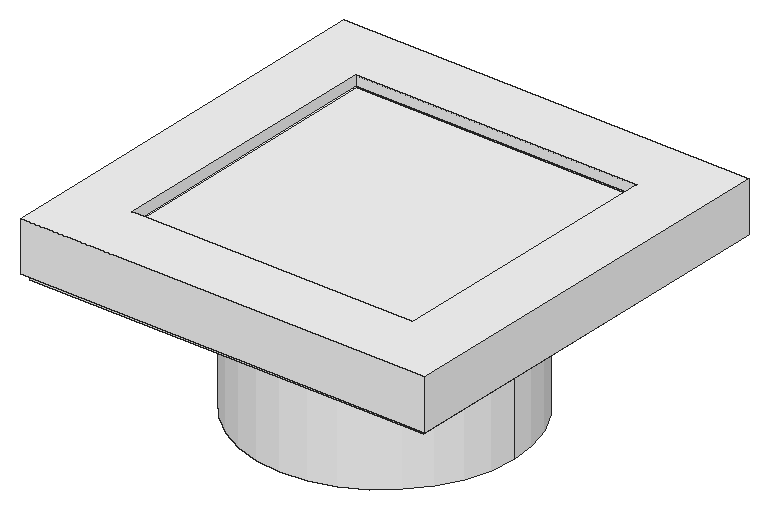
Revit family "Gira_2003100", category Electrical Fixtures, host Face, Revit 2017
Family settings
  Host = Face
  Maintain Annotation Orientation = Yes
  Round Connector Dimension = Use Diameter
  Part Type = Normal
  Cut with Voids When Loaded = No
  Shared = No
  Room Calculation Point = No
Parameters (values of type "Tastsens.2 3f 24 V pot.frei BSF System 55 Klar/Reinweiß")
  White [instance] = White
  Werkstoffgüte = "sonstige"
  Werkstoff = "sonstige"
  URL = "http://katalog.gira.de/de_DE/datenblatt.html?artikelnr=2003100"
  Transparent = "Yes"
  Schutzart (IP) = "IP20"
  Region = "DE"
  Oberfläche = "sonstige"
  Name = "Tastsens.2 3f 24 V pot.frei BSF System 55 Klar/Reinweiß"
  Montageart = "unter Putz"
  Model = "Sys55_Komplettgerät_Schalten und Tasten"
  Mit Raumthermostat = "No"
  Mit LED-Anzeige = "Yes"
  Mit Infrarotsensor = "No"
  Mit Display = "No"
  Mit Diebstahl-/Demontageschutz = "No"
  Mit Busankopplung = "No"
  Mit Beschriftungsfeld = "Yes"
  Manufacturer URL = "https://www.gira.de/"
  HeinzeBIM = "https://bimportal.heinze.de/bim/tastsens-2-3f-24-v-pot-frei-bsf-system-55-klar-reinweiss/9cec01c1ecd9a55726c723c1dd8b215571b65fcf"
  HAN = "2003100"
  GTIN = "4010337047971"
  Farbe = "weiß"
  Default Elevation = 1219.2 mm
  Data sheet (1) = "https://katalog.gira.de/de_DE/download.html?artikelnr=2003100"
  Category = "Bussystem-Tastsensor"
  Bussystem Powernet = "No"
  Bussystem LON = "No"
  Bussystem KNX-Funk = "No"
  Bussystem KNX = "Yes"
  Bussystem Funkbus = "Yes"
  Available = "Yes"
  Ausführung der Oberfläche = "glänzend"
  Anzahl der Tasten = "3 "
  Anzahl der Betätigungspunkte = "6 "
  Andere Bussysteme = "ohne"
Reference planes
  plane 1 "Center (Front/Back)": y = 0
  plane 2: z = 0
  plane 3 "Center (Left/Right)": x = 0
Forms (mm)
  Extrusion 1, solid, material "White" <- "White", detail levels medium
    sketch origin (0, 0, 0) x (1, 0, 0) y (0, 1, 0)
      loop
        line (-40.4, 40.4) -> (-40.4, -40.4) -> (40.4, -40.4) -> (40.4, 40.4) -> (-40.4, 40.4)
      loop
        line (-28, 28) -> (-28, -28) -> (28, -28) -> (28, 28) -> (-28, 28)
    from 0 to 10
  Extrusion 2, solid, material "White" <- "White", detail levels fine
    sketch origin (0, 0, 0) x (1, 0, 0) y (0, 1, 0)
      loop
        line (-40.4, 40.4) -> (-40.4, -40.4) -> (40.4, -40.4) -> (40.4, 40.4) -> (-40.4, 40.4)
      loop
        line (-28, 28) -> (-28, -28) -> (28, -28) -> (28, 28) -> (-28, 28)
    from 0 to 10
  Extrusion 3, void
    sketch origin (0, 0, 0) x (1, 0, 0) y (0, 1, 0)
      loop
        line (-38.4, 38.4) -> (-38.4, -38.4) -> (38.4, -38.4) -> (38.4, 38.4) -> (-38.4, 38.4)
    from 0 to 8
  Extrusion 4, solid, material "White" <- "White", detail levels medium+fine
    sketch origin (0, 0, 0) x (1, 0, 0) y (0, 1, 0)
      loop
        line (-39.4, 39.4) -> (-39.4, -39.4) -> (39.4, -39.4) -> (39.4, 39.4) -> (-39.4, 39.4)
    from 0 to -1
  Extrusion 5, solid, material "White" <- "White", detail levels medium+fine
    sketch origin (0, 0, 0) x (1, 0, 0) y (0, 1, 0)
      loop
        line (-35.5, 35.5) -> (-35.5, -35.5) -> (35.5, -35.5) -> (35.5, 35.5) -> (-35.5, 35.5)
    from -2 to -3
  Extrusion 6, solid, material "White" <- "White", detail levels medium+fine
    sketch origin (0, 0, 0) x (1, 0, 0) y (0, 1, 0)
      loop
        circle (0, 0) r 26
    from 0 to -27.5
  Extrusion 7, solid, material "White" <- "White", detail levels coarse
    sketch origin (0, 0, 0) x (1, 0, 0) y (0, 1, 0)
      loop
        line (-40.4, 40.4) -> (-40.4, -40.4) -> (40.4, -40.4) -> (40.4, 40.4) -> (-40.4, 40.4)
    from -27.5 to 10
Cuts and joins
  Extrusion 3 cuts Extrusion 2
Dimensions and locks
  aligned and locked: plane 2 to host face
  aligned and locked: level to host face
  aligned and locked: plane 3 "Center (Left/Right)" to nested 2
  aligned and locked: plane 1 "Center (Front/Back)" to nested 2
Nested families
  nested 1: "Sys55_Abdeckung_Schalten und Tasten_floor_base" at (0, 0, 0), type "Sys55_Abdeckung_Schalten und Tasten_floor_base"
  nested 2: "Schalter" at (0, 0, 0), type "Schalter"
Connectors
  electrical at (0, 0, -27.5)
    settings: on Extrusion 6, index 1, voltage 220 V, apparent load 0 VA, apparent load phase1 0 VA, apparent load phase2 0 VA, apparent load phase3 0 VA, power factor 1, load classification "Other", number of poles 1, system type 30, power factor state 1, is connector primary yes, connector utility no, sub classification motor no, connector description ""
Definition of nested family "Sys55_Abdeckung_Schalten und Tasten_floor_base"
  Parameters
    Default Elevation = 1219.2 mm
    White [instance] = none
  Reference planes
    plane 1 "Center (Front/Back)": y = 0
    plane 2: z = 0
    plane 3 "Center (Left/Right)": x = 0
  Forms (mm)
    Extrusion 1, solid
      sketch origin (0, 0, 0) x (1, 0, 0) y (0, 1, 0)
        loop
          line (-1219.2, 1219.2) -> (-1219.2, -1219.2) -> (1219.2, -1219.2) -> (1219.2, 1219.2) -> (-1219.2, 1219.2)
      from 0 to -304.8
    Extrusion 2, solid, material <- "White", detail levels fine
      sketch origin (0, 0, 0) x (1, 0, 0) y (0, 1, 0)
        loop
          line (-27.5, 27.5) -> (-27.5, -27.5) -> (27.5, -27.5) -> (27.5, 27.5) -> (-27.5, 27.5)
      from 0 to 8
    Extrusion 3, void
      sketch origin (0, 0, 0) x (1, 0, 0) y (0, 1, 0)
        loop
          line (26, 26) -> (-26, 26) -> (-26, -26) -> (26, -26) -> (26, 26)
      from 0 to 6
    Extrusion 4, solid, material <- "White", detail levels medium
      sketch origin (0, 0, 0) x (1, 0, 0) y (0, 1, 0)
        loop
          line (-27.5, 27.5) -> (-27.5, -27.5) -> (27.5, -27.5) -> (27.5, 27.5) -> (-27.5, 27.5)
      from 0 to 8
    Extrusion 5, solid, material <- "White", detail levels medium
      sketch origin (0, 0, 0) x (1, 0, 0) y (0, 1, 0)
        loop
          line (11, -17.5) -> (11, 17.5) -> (-11, 17.5) -> (-11, -17.5) -> (11, -17.5)
      from -6 to 6
    Extrusion 6, solid, material <- "White", detail levels fine
      sketch origin (0, 0, 0) x (1, 0, 0) y (0, 1, 0)
        loop
          line (11, 17.5) -> (-11, 17.5) -> (-11, 16.5) -> (11, 16.5) -> (11, 17.5)
        loop
          line (-11, -16.5) -> (-11, -17.5) -> (11, -17.5) -> (11, -16.5) -> (-11, -16.5)
      from -4 to 6
    Extrusion 7, solid, material <- "White", detail levels fine
      sketch origin (0, 0, 0) x (1, 0, 0) y (0, 1, 0)
        loop
          arc (5, 9.347) -> (0, 10.6) -> (-5, 9.347) r 10.6
          line (-5, 9.347) -> (-5, -9.347)
          arc (-5, -9.347) -> (0, -10.6) -> (5, -9.347) r 10.6
          line (5, -9.347) -> (5, 9.347)
      from -6 to 6
    Extrusion 8, solid, material <- "White", detail levels coarse
      sketch origin (0, 0, 0) x (1, 0, 0) y (0, 1, 0)
        loop
          line (-27.5, 27.5) -> (-27.5, -27.5) -> (27.5, -27.5) -> (27.5, 27.5) -> (-27.5, 27.5)
      from -6 to 8
  Cuts and joins
    Extrusion 3 cuts Extrusion 2
  Dimensions and locks
    aligned and locked: plane 2 to Extrusion 1
    aligned and locked: level to Extrusion 1
Definition of nested family "Schalter"
  Reference planes
    plane 1: y = 0
    plane 2: x = 0
  Lines and regions (mm)
    detail lines
      curve 1: circle (1.375, 2.778, 0) r 0.8 normal (0, 0, 1)
      curve 2: line (1.021, 2.061, 0) -> (0, 0, 0)
      curve 3: line (0, 0, 0) -> (-0.538, 0.266, 0)
  Dimensions and locks
    curve 2 to curve 2 = 2.3 mm
    curve 3 to curve 2 = 0.6 mm
    radius of curve 1 = 0.8 mm
